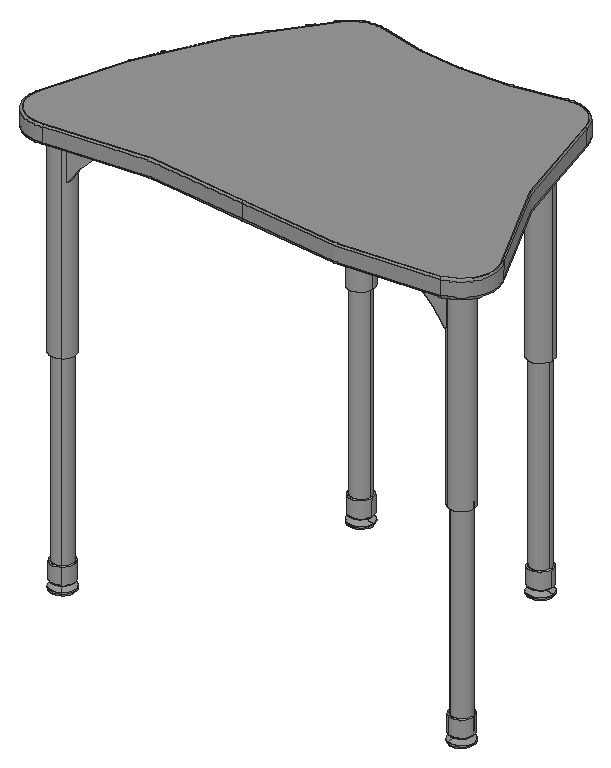
Revit family "Hierarchy Creator Octagional Trapezoid Desk", category Furniture, Revit 2018
Family settings
  Work Plane-Based = No
  Always vertical = Yes
  Cut with Voids When Loaded = No
  Shared = No
  Room Calculation Point = No
Parameters
  Surface = Hierarchy Creator Octagional Trapezoid Desk Surface
  Leg Finish = Hierarchy Leg Platinum
  Edgeband = Hierarchy Creator Octagional Trapezoid Desk Edgeband
  Desk Height = 2' - 5"
  Caster/Glide = Hierarchy Leg - Glide : Hierarchy Leg - Glide
Reference planes (in)
  plane 1 "Center (Front/Back)": y = 0
  plane 2: z = 0
  plane 3 "Center (Left/Right)": x = 0
  plane 4: z = 29
Dimensions and locks (in)
  "Desk Height": plane 4 to level
  aligned and locked: plane 2 to level
  aligned and locked: nested 1 to plane 4
Nested families (in)
  nested 1: "Creator Octagonal Trapezoid Desk Tabletop" at (0, 0, 15.97788), type "Creator Octagonal Trapezoid Desk Tabletop"
  nested 2: "Hierarchy Leg - Glide" at (-14.28534, -7.27315, 0) x (-0.5582, 0.8297, 0) z (0, 0, 1), Leg Finish <- "Leg Finish", Leg Height <- "Desk Height", type "Hierarchy Leg - Glide"
    with Leg Height 2' - 5", Leg Finish Hierarchy Leg Platinum
  nested 3: "Hierarchy Leg - Glide" at (-6.1836, 8.67733, 0), type <- "Caster/Glide", Leg Finish <- "Leg Finish", Leg Height <- "Desk Height", type "Hierarchy Leg - Glide"
  nested 4: "Hierarchy Leg - Glide" at (6.43356, 8.60737, 0), type <- "Caster/Glide", Leg Finish <- "Leg Finish", Leg Height <- "Desk Height", type "Hierarchy Leg - Glide"
  nested 5: "Hierarchy Leg - Glide" at (13.38715, -6.96755, 0) x (-0.413, -0.9107, 0) z (0, 0, 1), Leg Finish <- "Leg Finish", Leg Height <- "Desk Height", type "Hierarchy Leg - Glide"
    with Leg Height 2' - 5", Leg Finish Hierarchy Leg Platinum
Definition of nested family "Creator Octagonal Trapezoid Desk Tabletop"
  Parameters (values of type "Creator Octagonal Trapezoid Desk Tabletop")
    Surface = none
    Edgeband = none
  Reference planes (in)
    plane 1 "Center (Front/Back)": y = 0
    plane 2: z = 0
    plane 3 "Center (Left/Right)": x = 0
  Forms (in)
    Extrusion 1, solid, material <- "Surface"
      sketch origin (0, 0, 0) x (1, 0, 0) y (0, 1, 0)
        loop
          arc (-5.91145, 10.36445) -> (-7.16878, 10.34189) -> (-8.21519, 9.64446) r 2.23655
          arc (-8.21519, 9.64446) -> (-13.25206, 1.87414) -> (-16.37514, -6.84335) r 40.15638
          arc (-16.37514, -6.84335) -> (-15.80546, -8.89623) -> (-13.77129, -9.52952) r 2.22538
          arc (-13.77129, -9.52952) -> (-6.85259, -8.80415) -> (0.08106, -9.36898) r 37.50697
          arc (0.08106, -9.36898) -> (6.94642, -9.93062) -> (13.7979, -9.21946) r 37.27653
          arc (13.7979, -9.21946) -> (15.42998, -7.89246) -> (15.25081, -5.79663) r 2.24865
          arc (15.25081, -5.79663) -> (11.67977, 1.13685) -> (9.50316, 8.62602) r 40.52121
          arc (9.50316, 8.62602) -> (8.4874, 10.11552) -> (6.70427, 10.3817) r 2.25084
          arc (6.70427, 10.3817) -> (3.38145, 9.72593) -> (0, 9.53365) r 24.55409
          arc (0, 9.53365) -> (-2.98222, 9.76051) -> (-5.91145, 10.36445) r 23.49085
      from 13.02212 to 14.27206
    Sweep 2, solid, material <- "Edgeband"
      path origin (0, 0, 0) x (1, 0, 0) y (0, 1, 0)
        loop
          arc (0, 9.53365) -> (-2.98222, 9.76051) -> (-5.91145, 10.36445) r 23.49085
          arc (-5.91145, 10.36445) -> (-7.16878, 10.34189) -> (-8.21519, 9.64446) r 2.23655
          arc (-8.21519, 9.64446) -> (-13.25206, 1.87414) -> (-16.37514, -6.84335) r 40.15638
          arc (-16.37514, -6.84335) -> (-15.80546, -8.89623) -> (-13.77129, -9.52952) r 2.22538
          arc (-13.77129, -9.52952) -> (-6.85259, -8.80415) -> (0.08106, -9.36898) r 37.50697
          arc (0.08106, -9.36898) -> (6.94642, -9.93062) -> (13.7979, -9.21946) r 37.27653
          arc (13.7979, -9.21946) -> (15.42998, -7.89246) -> (15.25081, -5.79663) r 2.24865
          arc (15.25081, -5.79663) -> (11.67977, 1.13685) -> (9.50316, 8.62602) r 40.52121
          arc (9.50316, 8.62602) -> (8.4874, 10.11552) -> (6.70427, 10.3817) r 2.25084
          arc (6.70427, 10.3817) -> (3.38145, 9.72593) -> (0, 9.53365) r 24.55409
      profile origin (-2.98222, 9.76051, 0) x (-0.139173, -0.990268, 0) y (0, 0, 1)
        loop
          line (0, 13.02218) -> (0, 14.27206)
          arc (0, 14.27206) -> (-0.08841, 14.23311) -> (-0.12472, 14.14358) r 0.12854
          line (-0.12472, 14.14358) -> (-0.12472, 13.15066)
          arc (-0.12472, 13.15066) -> (-0.08841, 13.06113) -> (0, 13.02218) r 0.12854
  Dimensions and locks (in)
    aligned and locked: plane 2 to level
Definition of nested family "Hierarchy Leg - Glide"
  Parameters (values of type "Hierarchy Leg - Glide")
    Leg Finish [instance] = none
    Leg Height [instance] = 2' - 5"
  Reference planes (in)
    plane 1 "Center (Front/Back)": y = 0
    plane 2: z = 0
    plane 3 "Center (Left/Right)": x = 0
  Forms (in)
    Extrusion 1, solid
      sketch origin (-0.01562, 0, 0) x (1, 0, 0) y (0, 1, 0)
        loop
          circle (0.01563, 0) r 0.67016
      from 0.67618 to 16.17618
    Revolve 2, solid
      sketch origin (0, 0, 0) x (1, 0, 0) y (0, 0, 1)
        loop
          line (-0.73189, 1.80118) -> (-0.79439, 1.73867) -> (-0.79439, 0.61381) -> (-0.73176, 0.55118) -> (-0.125, 0.55118) -> (-0.125, 0.42618) -> (-0.84656, 0.16241) -> (-0.84656, 0.08994) -> (-0.81359, 0) -> (0, 0) -> (0, 1.80118) -> (-0.73189, 1.80118)
        axis (0, 1.80118) -> (0, 0)
      angle from 0 to 360
  Dimensions and locks (in)
    "Leg Height": nested 1 to level
    aligned and locked: plane 2 to level
  Automatic sketch dimensions
    plane 1 "Center (Front/Back)" to Extrusion 1 sketch curve = 0' - 0"
    Extrusion 1 sketch curve to plane 3 "Center (Left/Right)" = 0' - 0"
    Revolve 2 sketch curve to level = 0' - 0"
    Revolve 2 sketch curve to plane 3 "Center (Left/Right)" = 0' - 0"  (x2)
    Revolve 2 sketch curve to plane 3 "Center (Left/Right)" = 0' - 0 1/8"
    Revolve 2 sketch curve to Revolve 2 sketch curve = 0' - 0.60676"
    Revolve 2 sketch curve to Revolve 2 sketch curve = 0' - 0.73189"
    Revolve 2 sketch curve to Revolve 2 sketch curve = 0' - 0.06263"  (x2)
    Revolve 2 sketch curve to Revolve 2 sketch curve = 0' - 0.08183"
    Revolve 2 sketch curve to Revolve 2 sketch curve = 0' - 0.03297"
    level to Revolve 2 sketch curve = 0' - 0.08994"
    Revolve 2 sketch curve to Revolve 2 sketch curve = 0' - 0.07247"
    level to Revolve 2 sketch curve = 0' - 0.42618"
    Revolve 2 sketch curve to Revolve 2 sketch curve = 0' - 0 1/8"
    Revolve 2 sketch curve to Revolve 2 sketch curve = 0' - 1.12486"
    Revolve 2 sketch curve to Revolve 2 sketch curve = 0' - 0 1/16"
    Revolve 2 sketch curve to level = 2' - 0"
    Revolve 2 sketch curve to Revolve 2 sketch curve = 8' - 4.91764"
    radius of Extrusion 1 sketch curve = 0' - 0.67016"
  Nested families (in)
    nested 1: "Hierarchy Upper Leg 2023" at (0, 0, 1.19783), Shapes Leg Finish <- "Leg Finish", type "Hierarchy Upper Leg 2023"
      with Shapes Leg Finish none
  Definition of nested family "Hierarchy Upper Leg 2023"
    Parameters (values of type "Hierarchy Upper Leg 2023")
      Shapes Leg Finish [instance] = none
    Reference planes (in)
      plane 1 "Center (Front/Back)": y = 0
      plane 2: z = 0
      plane 3 "Center (Left/Right)": x = 0
    Forms (in)
      Extrusion 1, solid, material <- "Shapes Leg Finish"
        sketch origin (0, 0, 0) x (1, 0, 0) y (0, 1, 0)
          loop
            circle (0, 0) r 0.84802
        from 13.67618 to 27.67618
      Extrusion 2, solid, material <- "Shapes Leg Finish"
        sketch origin (0, 0, 0) x (1, 0, 0) y (0, 1, 0)
          loop
            line (-1.70174, 0.19183) -> (-2.88626, -2.26116)
            arc (-2.88626, -2.26116) -> (-2.83993, -3.09822) -> (-2.1063, -3.50394) r 0.86614
            line (-2.1063, -3.50394) -> (2.1063, -3.50394)
            arc (2.1063, -3.50394) -> (2.83993, -3.09822) -> (2.88626, -2.26116) r 0.86614
            line (2.88626, -2.26116) -> (1.70174, 0.19183)
            arc (1.70174, 0.19183) -> (0, 1.25984) -> (-1.70174, 0.19183) r 1.88976
        from 27.67618 to 27.80217
      Extrusion 3, solid, material <- "Shapes Leg Finish"
        sketch origin (-1.48519, 8.66524, 0) x (-0.434844, 0.900506, 0) y (0, 0, 1)
          loop
            line (-9.01425, 27.67618) -> (-11.80952, 27.67618)
            arc (-11.80952, 27.67618) -> (-11.92325, 27.58993) -> (-11.87088, 27.45715) r 0.11811
            arc (-11.87088, 27.45715) -> (-10.39364, 26.29679) -> (-9.23328, 24.81955) r 7.87402
            arc (-9.23328, 24.81955) -> (-9.1005, 24.76717) -> (-9.01425, 24.88091) r 0.11811
            line (-9.01425, 24.88091) -> (-9.01425, 27.67618)
        from -1.94075 to -1.81476
      Extrusion 4, solid, material <- "Shapes Leg Finish"
        sketch origin (1.48519, 8.66524, 0) x (0.434844, 0.900506, 0) y (0, 0, -1)
          loop
            line (-9.01425, -27.67618) -> (-9.01425, -24.88091)
            arc (-9.01425, -24.88091) -> (-9.1005, -24.76717) -> (-9.23328, -24.81955) r 0.11811
            arc (-9.23328, -24.81955) -> (-10.39364, -26.29679) -> (-11.87088, -27.45715) r 7.87402
            arc (-11.87088, -27.45715) -> (-11.92325, -27.58993) -> (-11.80952, -27.67618) r 0.11811
            line (-11.80952, -27.67618) -> (-9.01425, -27.67618)
        from -1.94075 to -1.81476
    Dimensions and locks (in)
      aligned and locked: plane 2 to level
